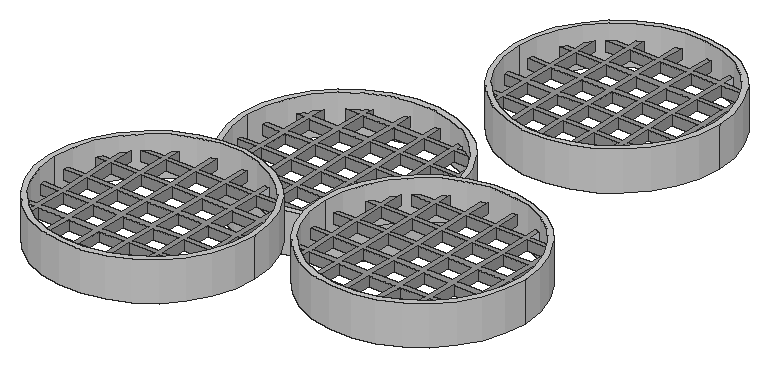
Revit family "CLD-FMD-002_BASKET_RFA", category Modelos genéricos, Revit 2022 (continued)
Forms (in)
  Extrusion 309, solid, not visible
    sketch origin (-26.63338, 0.00149, -1.20924) x (0, 1, 0) y (0, 0, -1)
      loop
        line (0.96881, 1.14538) -> (0.96881, -1.85462) -> (0.65631, -1.85462) -> (0.65631, -2.35462) -> (0.96881, -2.35462) -> (3.48948, -2.35462) -> (3.48948, -0.60462) -> (4.19814, -0.60462) -> (4.19814, -2.35462) -> (9.23948, -2.35462) -> (9.23948, -0.60462) -> (9.94814, -0.60462) -> (9.94814, -2.35462) -> (14.98948, -2.35462) -> (14.98948, -0.60462) -> (15.69814, -0.60462) -> (15.69814, -2.35462) -> (20.73948, -2.35462) -> (20.73948, -0.60462) -> (21.44814, -0.60462) -> (21.44814, -2.35462) -> (24.28131, -2.35462) -> (24.28131, -1.85462) -> (23.96881, -1.85462) -> (23.96881, 1.14538) -> (0.96881, 1.14538)
    from -3.96341 to -3.49097
  Extrusion 310, solid, not visible
    sketch origin (-44, 0, 0) x (1, 0, 0) y (0, 0, 1)
      loop
        line (0.96881, 0.64538) -> (0.96881, -2.35462) -> (3.48948, -2.35462) -> (3.48948, -0.60462) -> (4.19814, -0.60462) -> (4.19814, -2.35462) -> (9.23948, -2.35462) -> (9.23948, -0.60462) -> (9.94814, -0.60462) -> (9.94814, -2.35462) -> (14.98948, -2.35462) -> (14.98948, -0.60462) -> (15.69814, -0.60462) -> (15.69814, -2.35462) -> (20.73948, -2.35462) -> (20.73948, -0.60462) -> (21.44814, -0.60462) -> (21.44814, -2.35462) -> (23.96881, -2.35462) -> (23.96881, 0.64538) -> (24.28131, 0.64538) -> (24.28131, 1.14538) -> (0.65631, 1.14538) -> (0.65631, 0.64538) -> (0.96881, 0.64538)
    from -3.60908 to -3.49097
  Extrusion 311, solid, not visible
    sketch origin (-44, 0, 0) x (1, 0, 0) y (0, 0, 1)
      loop
        line (0.96881, 0.64538) -> (0.96881, -2.35462) -> (3.48948, -2.35462) -> (3.48948, -0.60462) -> (4.19814, -0.60462) -> (4.19814, -2.35462) -> (9.23948, -2.35462) -> (9.23948, -0.60462) -> (9.94814, -0.60462) -> (9.94814, -2.35462) -> (14.98948, -2.35462) -> (14.98948, -0.60462) -> (15.69814, -0.60462) -> (15.69814, -2.35462) -> (20.73948, -2.35462) -> (20.73948, -0.60462) -> (21.44814, -0.60462) -> (21.44814, -2.35462) -> (23.96881, -2.35462) -> (23.96881, 0.64538) -> (24.28131, 0.64538) -> (24.28131, 1.14538) -> (0.65631, 1.14538) -> (0.65631, 0.64538) -> (0.96881, 0.64538)
    from -4.08152 to -3.60908
  Extrusion 312, solid, not visible
    sketch origin (-44, 0, 0) x (1, 0, 0) y (0, 0, 1)
      loop
        line (0.96881, 0.64538) -> (0.96881, -2.35462) -> (3.48948, -2.35462) -> (3.48948, -0.60462) -> (4.19814, -0.60462) -> (4.19814, -2.35462) -> (9.23948, -2.35462) -> (9.23948, -0.60462) -> (9.94814, -0.60462) -> (9.94814, -2.35462) -> (14.98948, -2.35462) -> (14.98948, -0.60462) -> (15.69814, -0.60462) -> (15.69814, -2.35462) -> (20.73948, -2.35462) -> (20.73948, -0.60462) -> (21.44814, -0.60462) -> (21.44814, -2.35462) -> (23.96881, -2.35462) -> (23.96881, 0.64538) -> (24.28131, 0.64538) -> (24.28131, 1.14538) -> (0.65631, 1.14538) -> (0.65631, 0.64538) -> (0.96881, 0.64538)
    from -4.19963 to -4.08152
  Extrusion 313, solid, not visible
    sketch origin (-44.00149, 0.00149, -1.20924) x (0, 1, 0) y (0, 0, -1)
      loop
        line (0.96881, 1.14538) -> (0.96881, -1.85462) -> (0.65631, -1.85462) -> (0.65631, -2.35462) -> (0.96881, -2.35462) -> (3.48948, -2.35462) -> (3.48948, -0.60462) -> (4.19814, -0.60462) -> (4.19814, -2.35462) -> (9.23948, -2.35462) -> (9.23948, -0.60462) -> (9.94814, -0.60462) -> (9.94814, -2.35462) -> (14.98948, -2.35462) -> (14.98948, -0.60462) -> (15.69814, -0.60462) -> (15.69814, -2.35462) -> (20.73948, -2.35462) -> (20.73948, -0.60462) -> (21.44814, -0.60462) -> (21.44814, -2.35462) -> (24.28131, -2.35462) -> (24.28131, -1.85462) -> (23.96881, -1.85462) -> (23.96881, 1.14538) -> (0.96881, 1.14538)
    from -3.60908 to -3.49097
  Extrusion 314, solid, not visible
    sketch origin (-43.88338, 0.00149, -1.20924) x (0, 1, 0) y (0, 0, -1)
      loop
        line (0.96881, 1.14538) -> (0.96881, -1.85462) -> (0.65631, -1.85462) -> (0.65631, -2.35462) -> (0.96881, -2.35462) -> (3.48948, -2.35462) -> (3.48948, -0.60462) -> (4.19814, -0.60462) -> (4.19814, -2.35462) -> (9.23948, -2.35462) -> (9.23948, -0.60462) -> (9.94814, -0.60462) -> (9.94814, -2.35462) -> (14.98948, -2.35462) -> (14.98948, -0.60462) -> (15.69814, -0.60462) -> (15.69814, -2.35462) -> (20.73948, -2.35462) -> (20.73948, -0.60462) -> (21.44814, -0.60462) -> (21.44814, -2.35462) -> (24.28131, -2.35462) -> (24.28131, -1.85462) -> (23.96881, -1.85462) -> (23.96881, 1.14538) -> (0.96881, 1.14538)
    from -3.96341 to -3.49097
  Extrusion 315, solid, not visible
    sketch origin (-44.00149, 0.00149, -1.20924) x (0, 1, 0) y (0, 0, -1)
      loop
        line (0.96881, 1.14538) -> (0.96881, -1.85462) -> (0.65631, -1.85462) -> (0.65631, -2.35462) -> (0.96881, -2.35462) -> (3.48948, -2.35462) -> (3.48948, -0.60462) -> (4.19814, -0.60462) -> (4.19814, -2.35462) -> (9.23948, -2.35462) -> (9.23948, -0.60462) -> (9.94814, -0.60462) -> (9.94814, -2.35462) -> (14.98948, -2.35462) -> (14.98948, -0.60462) -> (15.69814, -0.60462) -> (15.69814, -2.35462) -> (20.73948, -2.35462) -> (20.73948, -0.60462) -> (21.44814, -0.60462) -> (21.44814, -2.35462) -> (24.28131, -2.35462) -> (24.28131, -1.85462) -> (23.96881, -1.85462) -> (23.96881, 1.14538) -> (0.96881, 1.14538)
    from -4.19963 to -4.08152
  Extrusion 316, solid, not visible
    sketch origin (-44, 0, 0) x (1, 0, 0) y (0, 0, 1)
      loop
        line (0.96881, 0.64538) -> (0.96881, -2.35462) -> (3.48948, -2.35462) -> (3.48948, -0.60462) -> (4.19814, -0.60462) -> (4.19814, -2.35462) -> (9.23948, -2.35462) -> (9.23948, -0.60462) -> (9.94814, -0.60462) -> (9.94814, -2.35462) -> (14.98948, -2.35462) -> (14.98948, -0.60462) -> (15.69814, -0.60462) -> (15.69814, -2.35462) -> (20.73948, -2.35462) -> (20.73948, -0.60462) -> (21.44814, -0.60462) -> (21.44814, -2.35462) -> (23.96881, -2.35462) -> (23.96881, 0.64538) -> (24.28131, 0.64538) -> (24.28131, 1.14538) -> (0.65631, 1.14538) -> (0.65631, 0.64538) -> (0.96881, 0.64538)
    from -9.94963 to -9.83152
  Extrusion 317, solid, not visible
    sketch origin (-44, 0, 0) x (1, 0, 0) y (0, 0, 1)
      loop
        line (0.96881, 0.64538) -> (0.96881, -2.35462) -> (3.48948, -2.35462) -> (3.48948, -0.60462) -> (4.19814, -0.60462) -> (4.19814, -2.35462) -> (9.23948, -2.35462) -> (9.23948, -0.60462) -> (9.94814, -0.60462) -> (9.94814, -2.35462) -> (14.98948, -2.35462) -> (14.98948, -0.60462) -> (15.69814, -0.60462) -> (15.69814, -2.35462) -> (20.73948, -2.35462) -> (20.73948, -0.60462) -> (21.44814, -0.60462) -> (21.44814, -2.35462) -> (23.96881, -2.35462) -> (23.96881, 0.64538) -> (24.28131, 0.64538) -> (24.28131, 1.14538) -> (0.65631, 1.14538) -> (0.65631, 0.64538) -> (0.96881, 0.64538)
    from -9.35908 to -9.24097
  Extrusion 318, solid, not visible
    sketch origin (-44, 0, 0) x (1, 0, 0) y (0, 0, 1)
      loop
        line (0.96881, 0.64538) -> (0.96881, -2.35462) -> (3.48948, -2.35462) -> (3.48948, -0.60462) -> (4.19814, -0.60462) -> (4.19814, -2.35462) -> (9.23948, -2.35462) -> (9.23948, -0.60462) -> (9.94814, -0.60462) -> (9.94814, -2.35462) -> (14.98948, -2.35462) -> (14.98948, -0.60462) -> (15.69814, -0.60462) -> (15.69814, -2.35462) -> (20.73948, -2.35462) -> (20.73948, -0.60462) -> (21.44814, -0.60462) -> (21.44814, -2.35462) -> (23.96881, -2.35462) -> (23.96881, 0.64538) -> (24.28131, 0.64538) -> (24.28131, 1.14538) -> (0.65631, 1.14538) -> (0.65631, 0.64538) -> (0.96881, 0.64538)
    from -9.83152 to -9.35908
  Extrusion 319, solid, not visible
    sketch origin (-44, 0, 0) x (1, 0, 0) y (0, 0, 1)
      loop
        line (0.96881, 0.64538) -> (0.96881, -2.35462) -> (3.48948, -2.35462) -> (3.48948, -0.60462) -> (4.19814, -0.60462) -> (4.19814, -2.35462) -> (9.23948, -2.35462) -> (9.23948, -0.60462) -> (9.94814, -0.60462) -> (9.94814, -2.35462) -> (14.98948, -2.35462) -> (14.98948, -0.60462) -> (15.69814, -0.60462) -> (15.69814, -2.35462) -> (20.73948, -2.35462) -> (20.73948, -0.60462) -> (21.44814, -0.60462) -> (21.44814, -2.35462) -> (23.96881, -2.35462) -> (23.96881, 0.64538) -> (24.28131, 0.64538) -> (24.28131, 1.14538) -> (0.65631, 1.14538) -> (0.65631, 0.64538) -> (0.96881, 0.64538)
    from -15.69963 to -15.58152
  Extrusion 320, solid, not visible
    sketch origin (-44, 0, 0) x (1, 0, 0) y (0, 0, 1)
      loop
        line (0.96881, 0.64538) -> (0.96881, -2.35462) -> (3.48948, -2.35462) -> (3.48948, -0.60462) -> (4.19814, -0.60462) -> (4.19814, -2.35462) -> (9.23948, -2.35462) -> (9.23948, -0.60462) -> (9.94814, -0.60462) -> (9.94814, -2.35462) -> (14.98948, -2.35462) -> (14.98948, -0.60462) -> (15.69814, -0.60462) -> (15.69814, -2.35462) -> (20.73948, -2.35462) -> (20.73948, -0.60462) -> (21.44814, -0.60462) -> (21.44814, -2.35462) -> (23.96881, -2.35462) -> (23.96881, 0.64538) -> (24.28131, 0.64538) -> (24.28131, 1.14538) -> (0.65631, 1.14538) -> (0.65631, 0.64538) -> (0.96881, 0.64538)
    from -15.10908 to -14.99097
  Extrusion 321, solid, not visible
    sketch origin (-44, 0, 0) x (1, 0, 0) y (0, 0, 1)
      loop
        line (0.96881, 0.64538) -> (0.96881, -2.35462) -> (3.48948, -2.35462) -> (3.48948, -0.60462) -> (4.19814, -0.60462) -> (4.19814, -2.35462) -> (9.23948, -2.35462) -> (9.23948, -0.60462) -> (9.94814, -0.60462) -> (9.94814, -2.35462) -> (14.98948, -2.35462) -> (14.98948, -0.60462) -> (15.69814, -0.60462) -> (15.69814, -2.35462) -> (20.73948, -2.35462) -> (20.73948, -0.60462) -> (21.44814, -0.60462) -> (21.44814, -2.35462) -> (23.96881, -2.35462) -> (23.96881, 0.64538) -> (24.28131, 0.64538) -> (24.28131, 1.14538) -> (0.65631, 1.14538) -> (0.65631, 0.64538) -> (0.96881, 0.64538)
    from -15.58152 to -15.10908
  Extrusion 322, solid, not visible
    sketch origin (-44, 0, 0) x (1, 0, 0) y (0, 0, 1)
      loop
        line (0.96881, 0.64538) -> (0.96881, -2.35462) -> (3.48948, -2.35462) -> (3.48948, -0.60462) -> (4.19814, -0.60462) -> (4.19814, -2.35462) -> (9.23948, -2.35462) -> (9.23948, -0.60462) -> (9.94814, -0.60462) -> (9.94814, -2.35462) -> (14.98948, -2.35462) -> (14.98948, -0.60462) -> (15.69814, -0.60462) -> (15.69814, -2.35462) -> (20.73948, -2.35462) -> (20.73948, -0.60462) -> (21.44814, -0.60462) -> (21.44814, -2.35462) -> (23.96881, -2.35462) -> (23.96881, 0.64538) -> (24.28131, 0.64538) -> (24.28131, 1.14538) -> (0.65631, 1.14538) -> (0.65631, 0.64538) -> (0.96881, 0.64538)
    from -21.44963 to -21.33152
  Extrusion 323, solid, not visible
    sketch origin (-44, 0, 0) x (1, 0, 0) y (0, 0, 1)
      loop
        line (0.96881, 0.64538) -> (0.96881, -2.35462) -> (3.48948, -2.35462) -> (3.48948, -0.60462) -> (4.19814, -0.60462) -> (4.19814, -2.35462) -> (9.23948, -2.35462) -> (9.23948, -0.60462) -> (9.94814, -0.60462) -> (9.94814, -2.35462) -> (14.98948, -2.35462) -> (14.98948, -0.60462) -> (15.69814, -0.60462) -> (15.69814, -2.35462) -> (20.73948, -2.35462) -> (20.73948, -0.60462) -> (21.44814, -0.60462) -> (21.44814, -2.35462) -> (23.96881, -2.35462) -> (23.96881, 0.64538) -> (24.28131, 0.64538) -> (24.28131, 1.14538) -> (0.65631, 1.14538) -> (0.65631, 0.64538) -> (0.96881, 0.64538)
    from -20.85908 to -20.74097
  Extrusion 324, solid, not visible
    sketch origin (-44, 0, 0) x (1, 0, 0) y (0, 0, 1)
      loop
        line (0.96881, 0.64538) -> (0.96881, -2.35462) -> (3.48948, -2.35462) -> (3.48948, -0.60462) -> (4.19814, -0.60462) -> (4.19814, -2.35462) -> (9.23948, -2.35462) -> (9.23948, -0.60462) -> (9.94814, -0.60462) -> (9.94814, -2.35462) -> (14.98948, -2.35462) -> (14.98948, -0.60462) -> (15.69814, -0.60462) -> (15.69814, -2.35462) -> (20.73948, -2.35462) -> (20.73948, -0.60462) -> (21.44814, -0.60462) -> (21.44814, -2.35462) -> (23.96881, -2.35462) -> (23.96881, 0.64538) -> (24.28131, 0.64538) -> (24.28131, 1.14538) -> (0.65631, 1.14538) -> (0.65631, 0.64538) -> (0.96881, 0.64538)
    from -21.33152 to -20.85908
  Extrusion 325, solid, not visible
    sketch origin (-38.25149, 0.00149, -1.20924) x (0, 1, 0) y (0, 0, -1)
      loop
        line (0.96881, 1.14538) -> (0.96881, -1.85462) -> (0.65631, -1.85462) -> (0.65631, -2.35462) -> (0.96881, -2.35462) -> (3.48948, -2.35462) -> (3.48948, -0.60462) -> (4.19814, -0.60462) -> (4.19814, -2.35462) -> (9.23948, -2.35462) -> (9.23948, -0.60462) -> (9.94814, -0.60462) -> (9.94814, -2.35462) -> (14.98948, -2.35462) -> (14.98948, -0.60462) -> (15.69814, -0.60462) -> (15.69814, -2.35462) -> (20.73948, -2.35462) -> (20.73948, -0.60462) -> (21.44814, -0.60462) -> (21.44814, -2.35462) -> (24.28131, -2.35462) -> (24.28131, -1.85462) -> (23.96881, -1.85462) -> (23.96881, 1.14538) -> (0.96881, 1.14538)
    from -4.19963 to -4.08152
  Extrusion 326, solid, not visible
    sketch origin (-38.84204, 0.00149, -1.20924) x (0, 1, 0) y (0, 0, -1)
      loop
        line (0.96881, 1.14538) -> (0.96881, -1.85462) -> (0.65631, -1.85462) -> (0.65631, -2.35462) -> (0.96881, -2.35462) -> (3.48948, -2.35462) -> (3.48948, -0.60462) -> (4.19814, -0.60462) -> (4.19814, -2.35462) -> (9.23948, -2.35462) -> (9.23948, -0.60462) -> (9.94814, -0.60462) -> (9.94814, -2.35462) -> (14.98948, -2.35462) -> (14.98948, -0.60462) -> (15.69814, -0.60462) -> (15.69814, -2.35462) -> (20.73948, -2.35462) -> (20.73948, -0.60462) -> (21.44814, -0.60462) -> (21.44814, -2.35462) -> (24.28131, -2.35462) -> (24.28131, -1.85462) -> (23.96881, -1.85462) -> (23.96881, 1.14538) -> (0.96881, 1.14538)
    from -4.19963 to -4.08152
  Extrusion 327, solid, not visible
    sketch origin (-32.50149, 0.00149, -1.20924) x (0, 1, 0) y (0, 0, -1)
      loop
        line (0.96881, 1.14538) -> (0.96881, -1.85462) -> (0.65631, -1.85462) -> (0.65631, -2.35462) -> (0.96881, -2.35462) -> (3.48948, -2.35462) -> (3.48948, -0.60462) -> (4.19814, -0.60462) -> (4.19814, -2.35462) -> (9.23948, -2.35462) -> (9.23948, -0.60462) -> (9.94814, -0.60462) -> (9.94814, -2.35462) -> (14.98948, -2.35462) -> (14.98948, -0.60462) -> (15.69814, -0.60462) -> (15.69814, -2.35462) -> (20.73948, -2.35462) -> (20.73948, -0.60462) -> (21.44814, -0.60462) -> (21.44814, -2.35462) -> (24.28131, -2.35462) -> (24.28131, -1.85462) -> (23.96881, -1.85462) -> (23.96881, 1.14538) -> (0.96881, 1.14538)
    from -4.19963 to -4.08152
  Extrusion 328, solid, not visible
    sketch origin (-33.09204, 0.00149, -1.20924) x (0, 1, 0) y (0, 0, -1)
      loop
        line (0.96881, 1.14538) -> (0.96881, -1.85462) -> (0.65631, -1.85462) -> (0.65631, -2.35462) -> (0.96881, -2.35462) -> (3.48948, -2.35462) -> (3.48948, -0.60462) -> (4.19814, -0.60462) -> (4.19814, -2.35462) -> (9.23948, -2.35462) -> (9.23948, -0.60462) -> (9.94814, -0.60462) -> (9.94814, -2.35462) -> (14.98948, -2.35462) -> (14.98948, -0.60462) -> (15.69814, -0.60462) -> (15.69814, -2.35462) -> (20.73948, -2.35462) -> (20.73948, -0.60462) -> (21.44814, -0.60462) -> (21.44814, -2.35462) -> (24.28131, -2.35462) -> (24.28131, -1.85462) -> (23.96881, -1.85462) -> (23.96881, 1.14538) -> (0.96881, 1.14538)
    from -4.19963 to -4.08152
  Extrusion 329, solid, not visible
    sketch origin (-27.34204, 0.00149, -1.20924) x (0, 1, 0) y (0, 0, -1)
      loop
        line (0.96881, 1.14538) -> (0.96881, -1.85462) -> (0.65631, -1.85462) -> (0.65631, -2.35462) -> (0.96881, -2.35462) -> (3.48948, -2.35462) -> (3.48948, -0.60462) -> (4.19814, -0.60462) -> (4.19814, -2.35462) -> (9.23948, -2.35462) -> (9.23948, -0.60462) -> (9.94814, -0.60462) -> (9.94814, -2.35462) -> (14.98948, -2.35462) -> (14.98948, -0.60462) -> (15.69814, -0.60462) -> (15.69814, -2.35462) -> (20.73948, -2.35462) -> (20.73948, -0.60462) -> (21.44814, -0.60462) -> (21.44814, -2.35462) -> (24.28131, -2.35462) -> (24.28131, -1.85462) -> (23.96881, -1.85462) -> (23.96881, 1.14538) -> (0.96881, 1.14538)
    from -4.19963 to -4.08152
  Extrusion 330, solid, not visible
    sketch origin (-26.75149, 0.00149, -1.20924) x (0, 1, 0) y (0, 0, -1)
      loop
        line (0.96881, 1.14538) -> (0.96881, -1.85462) -> (0.65631, -1.85462) -> (0.65631, -2.35462) -> (0.96881, -2.35462) -> (3.48948, -2.35462) -> (3.48948, -0.60462) -> (4.19814, -0.60462) -> (4.19814, -2.35462) -> (9.23948, -2.35462) -> (9.23948, -0.60462) -> (9.94814, -0.60462) -> (9.94814, -2.35462) -> (14.98948, -2.35462) -> (14.98948, -0.60462) -> (15.69814, -0.60462) -> (15.69814, -2.35462) -> (20.73948, -2.35462) -> (20.73948, -0.60462) -> (21.44814, -0.60462) -> (21.44814, -2.35462) -> (24.28131, -2.35462) -> (24.28131, -1.85462) -> (23.96881, -1.85462) -> (23.96881, 1.14538) -> (0.96881, 1.14538)
    from -4.19963 to -4.08152
  Extrusion 331, solid, not visible
    sketch origin (-38.13338, 0.00149, -1.20924) x (0, 1, 0) y (0, 0, -1)
      loop
        line (0.96881, 1.14538) -> (0.96881, -1.85462) -> (0.65631, -1.85462) -> (0.65631, -2.35462) -> (0.96881, -2.35462) -> (3.48948, -2.35462) -> (3.48948, -0.60462) -> (4.19814, -0.60462) -> (4.19814, -2.35462) -> (9.23948, -2.35462) -> (9.23948, -0.60462) -> (9.94814, -0.60462) -> (9.94814, -2.35462) -> (14.98948, -2.35462) -> (14.98948, -0.60462) -> (15.69814, -0.60462) -> (15.69814, -2.35462) -> (20.73948, -2.35462) -> (20.73948, -0.60462) -> (21.44814, -0.60462) -> (21.44814, -2.35462) -> (24.28131, -2.35462) -> (24.28131, -1.85462) -> (23.96881, -1.85462) -> (23.96881, 1.14538) -> (0.96881, 1.14538)
    from -3.96341 to -3.49097
  Extrusion 332, solid, not visible
    sketch origin (-32.38338, 0.00149, -1.20924) x (0, 1, 0) y (0, 0, -1)
      loop
        line (0.96881, 1.14538) -> (0.96881, -1.85462) -> (0.65631, -1.85462) -> (0.65631, -2.35462) -> (0.96881, -2.35462) -> (3.48948, -2.35462) -> (3.48948, -0.60462) -> (4.19814, -0.60462) -> (4.19814, -2.35462) -> (9.23948, -2.35462) -> (9.23948, -0.60462) -> (9.94814, -0.60462) -> (9.94814, -2.35462) -> (14.98948, -2.35462) -> (14.98948, -0.60462) -> (15.69814, -0.60462) -> (15.69814, -2.35462) -> (20.73948, -2.35462) -> (20.73948, -0.60462) -> (21.44814, -0.60462) -> (21.44814, -2.35462) -> (24.28131, -2.35462) -> (24.28131, -1.85462) -> (23.96881, -1.85462) -> (23.96881, 1.14538) -> (0.96881, 1.14538)
    from -3.96341 to -3.49097
  Extrusion 333, solid, not visible
    sketch origin (-26.63338, 0.00149, -1.20924) x (0, 1, 0) y (0, 0, -1)
      loop
        line (0.96881, 1.14538) -> (0.96881, -1.85462) -> (0.65631, -1.85462) -> (0.65631, -2.35462) -> (0.96881, -2.35462) -> (3.48948, -2.35462) -> (3.48948, -0.60462) -> (4.19814, -0.60462) -> (4.19814, -2.35462) -> (9.23948, -2.35462) -> (9.23948, -0.60462) -> (9.94814, -0.60462) -> (9.94814, -2.35462) -> (14.98948, -2.35462) -> (14.98948, -0.60462) -> (15.69814, -0.60462) -> (15.69814, -2.35462) -> (20.73948, -2.35462) -> (20.73948, -0.60462) -> (21.44814, -0.60462) -> (21.44814, -2.35462) -> (24.28131, -2.35462) -> (24.28131, -1.85462) -> (23.96881, -1.85462) -> (23.96881, 1.14538) -> (0.96881, 1.14538)
    from -3.96341 to -3.49097
  Extrusion 334, solid, not visible
    sketch origin (0, 0, 0) x (1, 0, 0) y (0, 1, 0)
      loop
        line (0, 0.11811) -> (0, 0) -> (48, 0) -> (48, 0.11811) -> (0, 0.11811)
    from 0 to 108
  Extrusion 335, solid, not visible
    sketch origin (0, 0, 0) x (1, 0, 0) y (0, 1, 0)
      loop
        line (0, 0.59055) -> (0, 0.11811) -> (48, 0.11811) -> (48, 0.59055) -> (0, 0.59055)
    from 0 to 108
  Extrusion 336, solid, not visible
    sketch origin (20.06218, -10.5, 0) x (0.5, 0.866025, 0) y (-0.866025, 0.5, 0)
      loop
        line (26.12436, 24.24871) -> (1.87564, 24.24871) -> (0, 21) -> (12.12436, 0) -> (36.37307, 0) -> (38.24871, 3.24871) -> (26.12436, 24.24871)
      loop
        line (35.82754, 0.94488) -> (37.15766, 3.24871) -> (25.57883, 23.30383) -> (2.42117, 23.30383) -> (1.09106, 21) -> (12.66988, 0.94488) -> (35.82754, 0.94488)
    from 0 to 10
  Extrusion 337, solid, not visible
    sketch origin (18.18653, 13.74871, 0) x (-0.5, 0.866025, 0) y (-0.866025, -0.5, 0)
      loop
        line (26.12436, 24.24871) -> (1.87564, 24.24871) -> (0, 21) -> (12.12436, 0) -> (36.37307, 0) -> (38.24871, 3.24871) -> (26.12436, 24.24871)
      loop
        line (35.82754, 0.94488) -> (37.15766, 3.24871) -> (25.57883, 23.30383) -> (2.42117, 23.30383) -> (1.09106, 21) -> (12.66988, 0.94488) -> (35.82754, 0.94488)
    from 0 to 10
  Extrusion 338, solid, not visible
    sketch origin (-23.81347, -10.5, 0) x (-0.5, 0.866025, 0) y (-0.866025, -0.5, 0)
      loop
        line (26.12436, -24.24871) -> (38.24871, -3.24871) -> (36.37307, 0) -> (12.12436, 0) -> (0, -21) -> (1.87564, -24.24871) -> (26.12436, -24.24871)
      loop
        line (35.82754, -0.94488) -> (12.66988, -0.94488) -> (1.09106, -21) -> (2.42117, -23.30383) -> (25.57883, -23.30383) -> (37.15766, -3.24871) -> (35.82754, -0.94488)
    from 0 to 10
  Extrusion 339, solid, not visible
    sketch origin (20.06218, 10.5, 0) x (0.5, -0.866025, 0) y (0.866025, 0.5, 0)
      loop
        line (26.12436, -24.24871) -> (38.24871, -3.24871) -> (36.37307, 0) -> (12.12436, 0) -> (0, -21) -> (1.87564, -24.24871) -> (26.12436, -24.24871)
      loop
        line (35.82754, -0.94488) -> (12.66988, -0.94488) -> (1.09106, -21) -> (2.42117, -23.30383) -> (25.57883, -23.30383) -> (37.15766, -3.24871) -> (35.82754, -0.94488)
    from 0 to 10
  Extrusion 340, solid, not visible
    sketch origin (18.18653, -13.74871, 0) x (-0.5, -0.866025, 0) y (0.866025, -0.5, 0)
      loop
        line (26.12436, -24.24871) -> (38.24871, -3.24871) -> (36.37307, 0) -> (12.12436, 0) -> (0, -21) -> (1.87564, -24.24871) -> (26.12436, -24.24871)
      loop
        line (35.82754, -0.94488) -> (12.66988, -0.94488) -> (1.09106, -21) -> (2.42117, -23.30383) -> (25.57883, -23.30383) -> (37.15766, -3.24871) -> (35.82754, -0.94488)
    from 0 to 10
  Extrusion 341, solid, not visible
    sketch origin (-23.81347, 10.5, 0) x (-0.5, -0.866025, 0) y (0.866025, -0.5, 0)
      loop
        line (26.12436, 24.24871) -> (1.87564, 24.24871) -> (0, 21) -> (12.12436, 0) -> (36.37307, 0) -> (38.24871, 3.24871) -> (26.12436, 24.24871)
      loop
        line (35.82754, 0.94488) -> (37.15766, 3.24871) -> (25.57883, 23.30383) -> (2.42117, 23.30383) -> (1.09106, 21) -> (12.66988, 0.94488) -> (35.82754, 0.94488)
    from 0 to 10
  Extrusion 342, solid, not visible
    sketch origin (-21.93782, 13.74871, 0) x (0.5, 0.866025, 0) y (-0.866025, 0.5, 0)
      loop
        line (26.12436, 24.24871) -> (1.87564, 24.24871) -> (0, 21) -> (12.12436, 0) -> (36.37307, 0) -> (38.24871, 3.24871) -> (26.12436, 24.24871)
      loop
        line (35.82754, 0.94488) -> (37.15766, 3.24871) -> (25.57883, 23.30383) -> (2.42117, 23.30383) -> (1.09106, 21) -> (12.66988, 0.94488) -> (35.82754, 0.94488)
    from 0 to 10
  Extrusion 343, solid, not visible
    sketch origin (-21.94005, -13.75, 0) x (0.5, -0.866025, 0) y (0.866025, 0.5, 0)
      loop
        line (26.12436, -24.24871) -> (38.24871, -3.24871) -> (36.37307, 0) -> (12.12436, 0) -> (0, -21) -> (1.87564, -24.24871) -> (26.12436, -24.24871)
      loop
        line (35.82754, -0.94488) -> (12.66988, -0.94488) -> (1.09106, -21) -> (2.42117, -23.30383) -> (25.57883, -23.30383) -> (37.15766, -3.24871) -> (35.82754, -0.94488)
    from 0 to 10
  Extrusion 344, solid, not visible
    sketch origin (60.18877, 10.50129, 0) x (-0.5, -0.866025, 0) y (0.866025, -0.5, 0)
      loop
        line (26.12436, -24.24871) -> (38.24871, -3.24871) -> (36.37307, 0) -> (12.12436, 0) -> (0, -21) -> (1.87564, -24.24871) -> (26.12436, -24.24871)
      loop
        line (35.82754, -0.94488) -> (12.66988, -0.94488) -> (1.09106, -21) -> (2.42117, -23.30383) -> (25.57883, -23.30383) -> (37.15766, -3.24871) -> (35.82754, -0.94488)
    from 0 to 10
  Extrusion 345, solid
    sketch origin (0, 0, 0) x (1, 0, 0) y (0, 1, 0)
      loop
        circle (21, 21) r 21
      loop
        circle (21, 21) r 20
    from 0 to 8
  Extrusion 346, solid
    sketch origin (0, 0, 0) x (1, 0, 0) y (0, 1, 0)
      loop
        line (12.24636, 35.32204) -> (12.24636, 30.15295) -> (17.41545, 30.15295) -> (17.41545, 35.32204) -> (12.24636, 35.32204)
      loop
        line (18.41545, 35.32204) -> (18.41545, 30.15295) -> (23.58454, 30.15295) -> (23.58454, 35.32204) -> (18.41545, 35.32204)
      loop
        line (24.58454, 35.32204) -> (24.58454, 30.15295) -> (29.75363, 30.15295) -> (29.75363, 35.32204) -> (24.58454, 35.32204)
      loop
        line (12.24636, 29.15295) -> (12.24636, 23.98386) -> (17.41545, 23.98386) -> (17.41545, 29.15295) -> (12.24636, 29.15295)
      loop
        line (18.41545, 29.15295) -> (18.41545, 23.98386) -> (23.58454, 23.98386) -> (23.58454, 29.15295) -> (18.41545, 29.15295)
      loop
        line (24.58454, 29.15295) -> (24.58454, 23.98386) -> (29.75363, 23.98386) -> (29.75363, 29.15295) -> (24.58454, 29.15295)
      loop
        line (12.24636, 22.98386) -> (12.24636, 17.81477) -> (17.41545, 17.81477) -> (17.41545, 22.98386) -> (12.24636, 22.98386)
      loop
        line (18.41545, 22.98386) -> (18.41545, 17.81477) -> (23.58454, 17.81477) -> (23.58454, 22.98386) -> (18.41545, 22.98386)
      loop
        line (24.58454, 22.98386) -> (24.58454, 17.81477) -> (29.75363, 17.81477) -> (29.75363, 22.98386) -> (24.58454, 22.98386)
      loop
        line (12.24636, 16.81477) -> (12.24636, 11.64568) -> (17.41545, 11.64568) -> (17.41545, 16.81477) -> (12.24636, 16.81477)
      loop
        line (18.41545, 16.81477) -> (18.41545, 11.64568) -> (23.58454, 11.64568) -> (23.58454, 16.81477) -> (18.41545, 16.81477)
      loop
        line (24.58454, 16.81477) -> (24.58454, 11.64568) -> (29.75363, 11.64568) -> (29.75363, 16.81477) -> (24.58454, 16.81477)
      loop
        line (12.24636, 10.64568) -> (12.24636, 5.47659) -> (17.41545, 5.47659) -> (17.41545, 10.64568) -> (12.24636, 10.64568)
      loop
        line (18.41545, 10.64568) -> (18.41545, 5.47659) -> (23.58454, 5.47659) -> (23.58454, 10.64568) -> (18.41545, 10.64568)
      loop
        line (24.58454, 10.64568) -> (24.58454, 5.47659) -> (29.75363, 5.47659) -> (29.75363, 10.64568) -> (24.58454, 10.64568)
      loop
        line (30.75363, 35.32204) -> (35.59303, 35.32204)
        arc (35.59303, 35.32204) -> (35.07504, 35.8314) -> (34.53929, 36.32204) r 20.44694
        line (34.53929, 36.32204) -> (30.75363, 36.32204) -> (30.75363, 38.97064)
        arc (30.75363, 38.97064) -> (30.25712, 39.23138) -> (29.75363, 39.4784) r 20.44694
        line (29.75363, 39.4784) -> (29.75363, 36.32204) -> (24.58454, 36.32204) -> (24.58454, 41.13028)
        arc (24.58454, 41.13028) -> (24.08549, 41.21279) -> (23.58454, 41.28293) r 20.44694
        line (23.58454, 41.28293) -> (23.58454, 36.32204) -> (18.41545, 36.32204) -> (18.41545, 41.28293)
        arc (18.41545, 41.28293) -> (17.91451, 41.21279) -> (17.41545, 41.13028) r 20.44694
        line (17.41545, 41.13028) -> (17.41545, 36.32204) -> (12.24636, 36.32204) -> (12.24636, 39.4784)
        arc (12.24636, 39.4784) -> (11.74288, 39.23138) -> (11.24636, 38.97064) r 20.44694
        line (11.24636, 38.97064) -> (11.24636, 36.32204) -> (7.4607, 36.32204)
        arc (7.4607, 36.32204) -> (6.92495, 35.8314) -> (6.40697, 35.32204) r 20.44694
        line (6.40697, 35.32204) -> (11.24636, 35.32204) -> (11.24636, 30.15295) -> (6.07727, 30.15295) -> (6.07727, 34.97818)
        arc (6.07727, 34.97818) -> (5.56654, 34.41215) -> (5.07727, 33.82747) r 20.44694
        line (5.07727, 33.82747) -> (5.07727, 30.15295) -> (2.7161, 30.15295)
        arc (2.7161, 30.15295) -> (2.47571, 29.6561) -> (2.24882, 29.15295) r 20.44694
        line (2.24882, 29.15295) -> (5.07727, 29.15295) -> (5.07727, 23.98386) -> (0.77195, 23.98386)
        arc (0.77195, 23.98386) -> (0.70458, 23.48461) -> (0.64953, 22.98386) r 20.44694
        line (0.64953, 22.98386) -> (5.07727, 22.98386) -> (5.07727, 17.81477) -> (0.80268, 17.81477)
        arc (0.80268, 17.81477) -> (0.88811, 17.31363) -> (0.98598, 16.81477) r 20.44694
        line (0.98598, 16.81477) -> (5.07727, 16.81477) -> (5.07727, 11.64568) -> (2.81831, 11.64568)
        arc (2.81831, 11.64568) -> (3.08649, 11.14184) -> (3.36863, 10.64568) r 20.44694
        line (3.36863, 10.64568) -> (5.07727, 10.64568) -> (5.07727, 8.17253)
        arc (5.07727, 8.17253) -> (5.56654, 7.58785) -> (6.07727, 7.02182) r 20.44694
        line (6.07727, 7.02182) -> (6.07727, 10.64568) -> (11.24636, 10.64568) -> (11.24636, 5.47659) -> (7.69207, 5.47659)
        arc (7.69207, 5.47659) -> (8.31426, 4.96413) -> (8.95616, 4.47659) r 20.44694
        line (8.95616, 4.47659) -> (11.24636, 4.47659) -> (11.24636, 3.02936)
        arc (11.24636, 3.02936) -> (11.74288, 2.76863) -> (12.24636, 2.5216) r 20.44694
        line (12.24636, 2.5216) -> (12.24636, 4.47659) -> (17.41545, 4.47659) -> (17.41545, 0.86972)
        arc (17.41545, 0.86972) -> (17.91451, 0.78721) -> (18.41545, 0.71707) r 20.44694
        line (18.41545, 0.71707) -> (18.41545, 4.47659) -> (23.58454, 4.47659) -> (23.58454, 0.71707)
        arc (23.58454, 0.71707) -> (24.08549, 0.78721) -> (24.58454, 0.86972) r 20.44694
        line (24.58454, 0.86972) -> (24.58454, 4.47659) -> (29.75363, 4.47659) -> (29.75363, 2.5216)
        arc (29.75363, 2.5216) -> (30.25712, 2.76863) -> (30.75363, 3.02936) r 20.44694
        line (30.75363, 3.02936) -> (30.75363, 4.47659) -> (33.04384, 4.47659)
        arc (33.04384, 4.47659) -> (33.68574, 4.96413) -> (34.30792, 5.47659) r 20.44694
        line (34.30792, 5.47659) -> (30.75363, 5.47659) -> (30.75363, 10.64568) -> (35.92272, 10.64568) -> (35.92272, 7.02182)
        arc (35.92272, 7.02182) -> (36.43345, 7.58785) -> (36.92272, 8.17253) r 20.44694
        line (36.92272, 8.17253) -> (36.92272, 10.64568) -> (38.63137, 10.64568)
        arc (38.63137, 10.64568) -> (38.91351, 11.14184) -> (39.18169, 11.64568) r 20.44694
        line (39.18169, 11.64568) -> (36.92272, 11.64568) -> (36.92272, 16.81477) -> (41.01402, 16.81477)
        arc (41.01402, 16.81477) -> (41.11188, 17.31363) -> (41.19731, 17.81477) r 20.44694
        line (41.19731, 17.81477) -> (36.92272, 17.81477) -> (36.92272, 22.98386) -> (41.35047, 22.98386)
        arc (41.35047, 22.98386) -> (41.29542, 23.48461) -> (41.22804, 23.98386) r 20.44694
        line (41.22804, 23.98386) -> (36.92272, 23.98386) -> (36.92272, 29.15295) -> (39.75118, 29.15295)
        arc (39.75118, 29.15295) -> (39.52428, 29.6561) -> (39.28389, 30.15295) r 20.44694
        line (39.28389, 30.15295) -> (36.92272, 30.15295) -> (36.92272, 33.82747)
        arc (36.92272, 33.82747) -> (36.43345, 34.41215) -> (35.92272, 34.97818) r 20.44694
        line (35.92272, 34.97818) -> (35.92272, 30.15295) -> (30.75363, 30.15295) -> (30.75363, 35.32204)
      loop
        line (30.75363, 29.15295) -> (30.75363, 23.98386) -> (35.92272, 23.98386) -> (35.92272, 29.15295) -> (30.75363, 29.15295)
      loop
        line (30.75363, 22.98386) -> (30.75363, 17.81477) -> (35.92272, 17.81477) -> (35.92272, 22.98386) -> (30.75363, 22.98386)
      loop
        line (30.75363, 16.81477) -> (30.75363, 11.64568) -> (35.92272, 11.64568) -> (35.92272, 16.81477) -> (30.75363, 16.81477)
      loop
        line (6.07727, 29.15295) -> (6.07727, 23.98386) -> (11.24636, 23.98386) -> (11.24636, 29.15295) -> (6.07727, 29.15295)
      loop
        line (6.07727, 22.98386) -> (6.07727, 17.81477) -> (11.24636, 17.81477) -> (11.24636, 22.98386) -> (6.07727, 22.98386)
      loop
        line (6.07727, 16.81477) -> (6.07727, 11.64568) -> (11.24636, 11.64568) -> (11.24636, 16.81477) -> (6.07727, 16.81477)
    from 3 to 5
  Extrusion 347, solid, not visible
    sketch origin (0, 0, 0) x (1, 0, 0) y (0, 1, 0)
      loop
        circle (21, 21) r 21
      loop
        circle (21, 21) r 20
    from 0 to 8
  Extrusion 348, solid, not visible
    sketch origin (0, 0, 0) x (1, 0, 0) y (0, 1, 0)
      loop
        line (12.24636, 35.32204) -> (12.24636, 30.15295) -> (17.41545, 30.15295) -> (17.41545, 35.32204) -> (12.24636, 35.32204)
      loop
        line (18.41545, 35.32204) -> (18.41545, 30.15295) -> (23.58454, 30.15295) -> (23.58454, 35.32204) -> (18.41545, 35.32204)
      loop
        line (24.58454, 35.32204) -> (24.58454, 30.15295) -> (29.75363, 30.15295) -> (29.75363, 35.32204) -> (24.58454, 35.32204)
      loop
        line (12.24636, 29.15295) -> (12.24636, 23.98386) -> (17.41545, 23.98386) -> (17.41545, 29.15295) -> (12.24636, 29.15295)
      loop
        line (18.41545, 29.15295) -> (18.41545, 23.98386) -> (23.58454, 23.98386) -> (23.58454, 29.15295) -> (18.41545, 29.15295)
      loop
        line (24.58454, 29.15295) -> (24.58454, 23.98386) -> (29.75363, 23.98386) -> (29.75363, 29.15295) -> (24.58454, 29.15295)
      loop
        line (12.24636, 22.98386) -> (12.24636, 17.81477) -> (17.41545, 17.81477) -> (17.41545, 22.98386) -> (12.24636, 22.98386)
      loop
        line (18.41545, 22.98386) -> (18.41545, 17.81477) -> (23.58454, 17.81477) -> (23.58454, 22.98386) -> (18.41545, 22.98386)
      loop
        line (24.58454, 22.98386) -> (24.58454, 17.81477) -> (29.75363, 17.81477) -> (29.75363, 22.98386) -> (24.58454, 22.98386)
      loop
        line (12.24636, 16.81477) -> (12.24636, 11.64568) -> (17.41545, 11.64568) -> (17.41545, 16.81477) -> (12.24636, 16.81477)
      loop
        line (18.41545, 16.81477) -> (18.41545, 11.64568) -> (23.58454, 11.64568) -> (23.58454, 16.81477) -> (18.41545, 16.81477)
      loop
        line (24.58454, 16.81477) -> (24.58454, 11.64568) -> (29.75363, 11.64568) -> (29.75363, 16.81477) -> (24.58454, 16.81477)
      loop
        line (12.24636, 10.64568) -> (12.24636, 5.47659) -> (17.41545, 5.47659) -> (17.41545, 10.64568) -> (12.24636, 10.64568)
      loop
        line (18.41545, 10.64568) -> (18.41545, 5.47659) -> (23.58454, 5.47659) -> (23.58454, 10.64568) -> (18.41545, 10.64568)
      loop
        line (24.58454, 10.64568) -> (24.58454, 5.47659) -> (29.75363, 5.47659) -> (29.75363, 10.64568) -> (24.58454, 10.64568)
      loop
        line (30.75363, 35.32204) -> (35.59303, 35.32204)
        arc (35.59303, 35.32204) -> (35.07504, 35.8314) -> (34.53929, 36.32204) r 20.44694
        line (34.53929, 36.32204) -> (30.75363, 36.32204) -> (30.75363, 38.97064)
        arc (30.75363, 38.97064) -> (30.25712, 39.23138) -> (29.75363, 39.4784) r 20.44694
        line (29.75363, 39.4784) -> (29.75363, 36.32204) -> (24.58454, 36.32204) -> (24.58454, 41.13028)
        arc (24.58454, 41.13028) -> (24.08549, 41.21279) -> (23.58454, 41.28293) r 20.44694
        line (23.58454, 41.28293) -> (23.58454, 36.32204) -> (18.41545, 36.32204) -> (18.41545, 41.28293)
        arc (18.41545, 41.28293) -> (17.91451, 41.21279) -> (17.41545, 41.13028) r 20.44694
        line (17.41545, 41.13028) -> (17.41545, 36.32204) -> (12.24636, 36.32204) -> (12.24636, 39.4784)
        arc (12.24636, 39.4784) -> (11.74288, 39.23138) -> (11.24636, 38.97064) r 20.44694
        line (11.24636, 38.97064) -> (11.24636, 36.32204) -> (7.4607, 36.32204)
        arc (7.4607, 36.32204) -> (6.92495, 35.8314) -> (6.40697, 35.32204) r 20.44694
        line (6.40697, 35.32204) -> (11.24636, 35.32204) -> (11.24636, 30.15295) -> (6.07727, 30.15295) -> (6.07727, 34.97818)
        arc (6.07727, 34.97818) -> (5.56654, 34.41215) -> (5.07727, 33.82747) r 20.44694
        line (5.07727, 33.82747) -> (5.07727, 30.15295) -> (2.7161, 30.15295)
        arc (2.7161, 30.15295) -> (2.47571, 29.6561) -> (2.24882, 29.15295) r 20.44694
        line (2.24882, 29.15295) -> (5.07727, 29.15295) -> (5.07727, 23.98386) -> (0.77195, 23.98386)
        arc (0.77195, 23.98386) -> (0.70458, 23.48461) -> (0.64953, 22.98386) r 20.44694
        line (0.64953, 22.98386) -> (5.07727, 22.98386) -> (5.07727, 17.81477) -> (0.80268, 17.81477)
        arc (0.80268, 17.81477) -> (0.88811, 17.31363) -> (0.98598, 16.81477) r 20.44694
        line (0.98598, 16.81477) -> (5.07727, 16.81477) -> (5.07727, 11.64568) -> (2.81831, 11.64568)
        arc (2.81831, 11.64568) -> (3.08649, 11.14184) -> (3.36863, 10.64568) r 20.44694
        line (3.36863, 10.64568) -> (5.07727, 10.64568) -> (5.07727, 8.17253)
        arc (5.07727, 8.17253) -> (5.56654, 7.58785) -> (6.07727, 7.02182) r 20.44694
        line (6.07727, 7.02182) -> (6.07727, 10.64568) -> (11.24636, 10.64568) -> (11.24636, 5.47659) -> (7.69207, 5.47659)
        arc (7.69207, 5.47659) -> (8.31426, 4.96413) -> (8.95616, 4.47659) r 20.44694
        line (8.95616, 4.47659) -> (11.24636, 4.47659) -> (11.24636, 3.02936)
        arc (11.24636, 3.02936) -> (11.74288, 2.76863) -> (12.24636, 2.5216) r 20.44694
        line (12.24636, 2.5216) -> (12.24636, 4.47659) -> (17.41545, 4.47659) -> (17.41545, 0.86972)
        arc (17.41545, 0.86972) -> (17.91451, 0.78721) -> (18.41545, 0.71707) r 20.44694
        line (18.41545, 0.71707) -> (18.41545, 4.47659) -> (23.58454, 4.47659) -> (23.58454, 0.71707)
        arc (23.58454, 0.71707) -> (24.08549, 0.78721) -> (24.58454, 0.86972) r 20.44694
        line (24.58454, 0.86972) -> (24.58454, 4.47659) -> (29.75363, 4.47659) -> (29.75363, 2.5216)
        arc (29.75363, 2.5216) -> (30.25712, 2.76863) -> (30.75363, 3.02936) r 20.44694
        line (30.75363, 3.02936) -> (30.75363, 4.47659) -> (33.04384, 4.47659)
        arc (33.04384, 4.47659) -> (33.68574, 4.96413) -> (34.30792, 5.47659) r 20.44694
        line (34.30792, 5.47659) -> (30.75363, 5.47659) -> (30.75363, 10.64568) -> (35.92272, 10.64568) -> (35.92272, 7.02182)
        arc (35.92272, 7.02182) -> (36.43345, 7.58785) -> (36.92272, 8.17253) r 20.44694
        line (36.92272, 8.17253) -> (36.92272, 10.64568) -> (38.63137, 10.64568)
        arc (38.63137, 10.64568) -> (38.91351, 11.14184) -> (39.18169, 11.64568) r 20.44694
        line (39.18169, 11.64568) -> (36.92272, 11.64568) -> (36.92272, 16.81477) -> (41.01402, 16.81477)
        arc (41.01402, 16.81477) -> (41.11188, 17.31363) -> (41.19731, 17.81477) r 20.44694
        line (41.19731, 17.81477) -> (36.92272, 17.81477) -> (36.92272, 22.98386) -> (41.35047, 22.98386)
        arc (41.35047, 22.98386) -> (41.29542, 23.48461) -> (41.22804, 23.98386) r 20.44694
        line (41.22804, 23.98386) -> (36.92272, 23.98386) -> (36.92272, 29.15295) -> (39.75118, 29.15295)
        arc (39.75118, 29.15295) -> (39.52428, 29.6561) -> (39.28389, 30.15295) r 20.44694
        line (39.28389, 30.15295) -> (36.92272, 30.15295) -> (36.92272, 33.82747)
        arc (36.92272, 33.82747) -> (36.43345, 34.41215) -> (35.92272, 34.97818) r 20.44694
        line (35.92272, 34.97818) -> (35.92272, 30.15295) -> (30.75363, 30.15295) -> (30.75363, 35.32204)
      loop
        line (30.75363, 29.15295) -> (30.75363, 23.98386) -> (35.92272, 23.98386) -> (35.92272, 29.15295) -> (30.75363, 29.15295)
      loop
        line (30.75363, 22.98386) -> (30.75363, 17.81477) -> (35.92272, 17.81477) -> (35.92272, 22.98386) -> (30.75363, 22.98386)
      loop
        line (30.75363, 16.81477) -> (30.75363, 11.64568) -> (35.92272, 11.64568) -> (35.92272, 16.81477) -> (30.75363, 16.81477)
      loop
        line (6.07727, 29.15295) -> (6.07727, 23.98386) -> (11.24636, 23.98386) -> (11.24636, 29.15295) -> (6.07727, 29.15295)
      loop
        line (6.07727, 22.98386) -> (6.07727, 17.81477) -> (11.24636, 17.81477) -> (11.24636, 22.98386) -> (6.07727, 22.98386)
      loop
        line (6.07727, 16.81477) -> (6.07727, 11.64568) -> (11.24636, 11.64568) -> (11.24636, 16.81477) -> (6.07727, 16.81477)
    from 3 to 5
  Extrusion 349, solid
    sketch origin (35.34814, 24.71984, -6.5) x (1, 0, 0) y (0, 1, 0)
      loop
        circle (21, 21) r 21
      loop
        circle (21, 21) r 20
    from 0 to 8
  Extrusion 350, solid
    sketch origin (35.34814, 24.71984, -6.5) x (1, 0, 0) y (0, 1, 0)
      loop
        line (12.24636, 35.32204) -> (12.24636, 30.15295) -> (17.41545, 30.15295) -> (17.41545, 35.32204) -> (12.24636, 35.32204)
      loop
        line (18.41545, 35.32204) -> (18.41545, 30.15295) -> (23.58454, 30.15295) -> (23.58454, 35.32204) -> (18.41545, 35.32204)
      loop
        line (24.58454, 35.32204) -> (24.58454, 30.15295) -> (29.75363, 30.15295) -> (29.75363, 35.32204) -> (24.58454, 35.32204)
      loop
        line (12.24636, 29.15295) -> (12.24636, 23.98386) -> (17.41545, 23.98386) -> (17.41545, 29.15295) -> (12.24636, 29.15295)
      loop
        line (18.41545, 29.15295) -> (18.41545, 23.98386) -> (23.58454, 23.98386) -> (23.58454, 29.15295) -> (18.41545, 29.15295)
      loop
        line (24.58454, 29.15295) -> (24.58454, 23.98386) -> (29.75363, 23.98386) -> (29.75363, 29.15295) -> (24.58454, 29.15295)
      loop
        line (12.24636, 22.98386) -> (12.24636, 17.81477) -> (17.41545, 17.81477) -> (17.41545, 22.98386) -> (12.24636, 22.98386)
      loop
        line (18.41545, 22.98386) -> (18.41545, 17.81477) -> (23.58454, 17.81477) -> (23.58454, 22.98386) -> (18.41545, 22.98386)
      loop
        line (24.58454, 22.98386) -> (24.58454, 17.81477) -> (29.75363, 17.81477) -> (29.75363, 22.98386) -> (24.58454, 22.98386)
      loop
        line (12.24636, 16.81477) -> (12.24636, 11.64568) -> (17.41545, 11.64568) -> (17.41545, 16.81477) -> (12.24636, 16.81477)
      loop
        line (18.41545, 16.81477) -> (18.41545, 11.64568) -> (23.58454, 11.64568) -> (23.58454, 16.81477) -> (18.41545, 16.81477)
      loop
        line (24.58454, 16.81477) -> (24.58454, 11.64568) -> (29.75363, 11.64568) -> (29.75363, 16.81477) -> (24.58454, 16.81477)
      loop
        line (12.24636, 10.64568) -> (12.24636, 5.47659) -> (17.41545, 5.47659) -> (17.41545, 10.64568) -> (12.24636, 10.64568)
      loop
        line (18.41545, 10.64568) -> (18.41545, 5.47659) -> (23.58454, 5.47659) -> (23.58454, 10.64568) -> (18.41545, 10.64568)
      loop
        line (24.58454, 10.64568) -> (24.58454, 5.47659) -> (29.75363, 5.47659) -> (29.75363, 10.64568) -> (24.58454, 10.64568)
      loop
        line (30.75363, 35.32204) -> (35.59303, 35.32204)
        arc (35.59303, 35.32204) -> (35.07504, 35.8314) -> (34.53929, 36.32204) r 20.44694
        line (34.53929, 36.32204) -> (30.75363, 36.32204) -> (30.75363, 38.97064)
        arc (30.75363, 38.97064) -> (30.25712, 39.23138) -> (29.75363, 39.4784) r 20.44694
        line (29.75363, 39.4784) -> (29.75363, 36.32204) -> (24.58454, 36.32204) -> (24.58454, 41.13028)
        arc (24.58454, 41.13028) -> (24.08549, 41.21279) -> (23.58454, 41.28293) r 20.44694
        line (23.58454, 41.28293) -> (23.58454, 36.32204) -> (18.41545, 36.32204) -> (18.41545, 41.28293)
        arc (18.41545, 41.28293) -> (17.91451, 41.21279) -> (17.41545, 41.13028) r 20.44694
        line (17.41545, 41.13028) -> (17.41545, 36.32204) -> (12.24636, 36.32204) -> (12.24636, 39.4784)
        arc (12.24636, 39.4784) -> (11.74288, 39.23138) -> (11.24636, 38.97064) r 20.44694
        line (11.24636, 38.97064) -> (11.24636, 36.32204) -> (7.4607, 36.32204)
        arc (7.4607, 36.32204) -> (6.92495, 35.8314) -> (6.40697, 35.32204) r 20.44694
        line (6.40697, 35.32204) -> (11.24636, 35.32204) -> (11.24636, 30.15295) -> (6.07727, 30.15295) -> (6.07727, 34.97818)
        arc (6.07727, 34.97818) -> (5.56654, 34.41215) -> (5.07727, 33.82747) r 20.44694
        line (5.07727, 33.82747) -> (5.07727, 30.15295) -> (2.7161, 30.15295)
        arc (2.7161, 30.15295) -> (2.47571, 29.6561) -> (2.24882, 29.15295) r 20.44694
        line (2.24882, 29.15295) -> (5.07727, 29.15295) -> (5.07727, 23.98386) -> (0.77195, 23.98386)
        arc (0.77195, 23.98386) -> (0.70458, 23.48461) -> (0.64953, 22.98386) r 20.44694
        line (0.64953, 22.98386) -> (5.07727, 22.98386) -> (5.07727, 17.81477) -> (0.80268, 17.81477)
        arc (0.80268, 17.81477) -> (0.88811, 17.31363) -> (0.98598, 16.81477) r 20.44694
        line (0.98598, 16.81477) -> (5.07727, 16.81477) -> (5.07727, 11.64568) -> (2.81831, 11.64568)
        arc (2.81831, 11.64568) -> (3.08649, 11.14184) -> (3.36863, 10.64568) r 20.44694
        line (3.36863, 10.64568) -> (5.07727, 10.64568) -> (5.07727, 8.17253)
        arc (5.07727, 8.17253) -> (5.56654, 7.58785) -> (6.07727, 7.02182) r 20.44694
        line (6.07727, 7.02182) -> (6.07727, 10.64568) -> (11.24636, 10.64568) -> (11.24636, 5.47659) -> (7.69207, 5.47659)
        arc (7.69207, 5.47659) -> (8.31426, 4.96413) -> (8.95616, 4.47659) r 20.44694
        line (8.95616, 4.47659) -> (11.24636, 4.47659) -> (11.24636, 3.02936)
        arc (11.24636, 3.02936) -> (11.74288, 2.76863) -> (12.24636, 2.5216) r 20.44694
        line (12.24636, 2.5216) -> (12.24636, 4.47659) -> (17.41545, 4.47659) -> (17.41545, 0.86972)
        arc (17.41545, 0.86972) -> (17.91451, 0.78721) -> (18.41545, 0.71707) r 20.44694
        line (18.41545, 0.71707) -> (18.41545, 4.47659) -> (23.58454, 4.47659) -> (23.58454, 0.71707)
        arc (23.58454, 0.71707) -> (24.08549, 0.78721) -> (24.58454, 0.86972) r 20.44694
        line (24.58454, 0.86972) -> (24.58454, 4.47659) -> (29.75363, 4.47659) -> (29.75363, 2.5216)
        arc (29.75363, 2.5216) -> (30.25712, 2.76863) -> (30.75363, 3.02936) r 20.44694
        line (30.75363, 3.02936) -> (30.75363, 4.47659) -> (33.04384, 4.47659)
        arc (33.04384, 4.47659) -> (33.68574, 4.96413) -> (34.30792, 5.47659) r 20.44694
        line (34.30792, 5.47659) -> (30.75363, 5.47659) -> (30.75363, 10.64568) -> (35.92272, 10.64568) -> (35.92272, 7.02182)
        arc (35.92272, 7.02182) -> (36.43345, 7.58785) -> (36.92272, 8.17253) r 20.44694
        line (36.92272, 8.17253) -> (36.92272, 10.64568) -> (38.63137, 10.64568)
        arc (38.63137, 10.64568) -> (38.91351, 11.14184) -> (39.18169, 11.64568) r 20.44694
        line (39.18169, 11.64568) -> (36.92272, 11.64568) -> (36.92272, 16.81477) -> (41.01402, 16.81477)
        arc (41.01402, 16.81477) -> (41.11188, 17.31363) -> (41.19731, 17.81477) r 20.44694
        line (41.19731, 17.81477) -> (36.92272, 17.81477) -> (36.92272, 22.98386) -> (41.35047, 22.98386)
        arc (41.35047, 22.98386) -> (41.29542, 23.48461) -> (41.22804, 23.98386) r 20.44694
        line (41.22804, 23.98386) -> (36.92272, 23.98386) -> (36.92272, 29.15295) -> (39.75118, 29.15295)
        arc (39.75118, 29.15295) -> (39.52428, 29.6561) -> (39.28389, 30.15295) r 20.44694
        line (39.28389, 30.15295) -> (36.92272, 30.15295) -> (36.92272, 33.82747)
        arc (36.92272, 33.82747) -> (36.43345, 34.41215) -> (35.92272, 34.97818) r 20.44694
        line (35.92272, 34.97818) -> (35.92272, 30.15295) -> (30.75363, 30.15295) -> (30.75363, 35.32204)
      loop
        line (30.75363, 29.15295) -> (30.75363, 23.98386) -> (35.92272, 23.98386) -> (35.92272, 29.15295) -> (30.75363, 29.15295)
      loop
        line (30.75363, 22.98386) -> (30.75363, 17.81477) -> (35.92272, 17.81477) -> (35.92272, 22.98386) -> (30.75363, 22.98386)
      loop
        line (30.75363, 16.81477) -> (30.75363, 11.64568) -> (35.92272, 11.64568) -> (35.92272, 16.81477) -> (30.75363, 16.81477)
      loop
        line (6.07727, 29.15295) -> (6.07727, 23.98386) -> (11.24636, 23.98386) -> (11.24636, 29.15295) -> (6.07727, 29.15295)
      loop
        line (6.07727, 22.98386) -> (6.07727, 17.81477) -> (11.24636, 17.81477) -> (11.24636, 22.98386) -> (6.07727, 22.98386)
      loop
        line (6.07727, 16.81477) -> (6.07727, 11.64568) -> (11.24636, 11.64568) -> (11.24636, 16.81477) -> (6.07727, 16.81477)
    from 3 to 5
  Extrusion 351, solid
    sketch origin (0, 140.67797, -14) x (1, 0, 0) y (0, 1, 0)
      loop
        circle (21, -70.43967) r 21
      loop
        circle (21, -70.43967) r 20
    from 0 to 8
  Extrusion 352, solid
    sketch origin (0, 140.67797, -14) x (1, 0, 0) y (0, 1, 0)
      loop
        line (12.24636, -84.76171) -> (17.41545, -84.76171) -> (17.41545, -79.59262) -> (12.24636, -79.59262) -> (12.24636, -84.76171)
      loop
        line (18.41545, -84.76171) -> (23.58454, -84.76171) -> (23.58454, -79.59262) -> (18.41545, -79.59262) -> (18.41545, -84.76171)
      loop
        line (24.58454, -84.76171) -> (29.75363, -84.76171) -> (29.75363, -79.59262) -> (24.58454, -79.59262) -> (24.58454, -84.76171)
      loop
        line (12.24636, -78.59262) -> (17.41545, -78.59262) -> (17.41545, -73.42353) -> (12.24636, -73.42353) -> (12.24636, -78.59262)
      loop
        line (18.41545, -78.59262) -> (23.58454, -78.59262) -> (23.58454, -73.42353) -> (18.41545, -73.42353) -> (18.41545, -78.59262)
      loop
        line (24.58454, -78.59262) -> (29.75363, -78.59262) -> (29.75363, -73.42353) -> (24.58454, -73.42353) -> (24.58454, -78.59262)
      loop
        line (12.24636, -72.42353) -> (17.41545, -72.42353) -> (17.41545, -67.25444) -> (12.24636, -67.25444) -> (12.24636, -72.42353)
      loop
        line (18.41545, -72.42353) -> (23.58454, -72.42353) -> (23.58454, -67.25444) -> (18.41545, -67.25444) -> (18.41545, -72.42353)
      loop
        line (24.58454, -72.42353) -> (29.75363, -72.42353) -> (29.75363, -67.25444) -> (24.58454, -67.25444) -> (24.58454, -72.42353)
      loop
        line (12.24636, -66.25444) -> (17.41545, -66.25444) -> (17.41545, -61.08535) -> (12.24636, -61.08535) -> (12.24636, -66.25444)
      loop
        line (18.41545, -66.25444) -> (23.58454, -66.25444) -> (23.58454, -61.08535) -> (18.41545, -61.08535) -> (18.41545, -66.25444)
      loop
        line (24.58454, -66.25444) -> (29.75363, -66.25444) -> (29.75363, -61.08535) -> (24.58454, -61.08535) -> (24.58454, -66.25444)
      loop
        line (12.24636, -60.08535) -> (17.41545, -60.08535) -> (17.41545, -54.91626) -> (12.24636, -54.91626) -> (12.24636, -60.08535)
      loop
        line (18.41545, -60.08535) -> (23.58454, -60.08535) -> (23.58454, -54.91626) -> (18.41545, -54.91626) -> (18.41545, -60.08535)
      loop
        line (24.58454, -60.08535) -> (29.75363, -60.08535) -> (29.75363, -54.91626) -> (24.58454, -54.91626) -> (24.58454, -60.08535)
      loop
        line (30.75363, -84.76171) -> (30.75363, -79.59262) -> (35.92272, -79.59262) -> (35.92272, -84.41785)
        arc (35.92272, -84.41785) -> (36.43345, -83.85182) -> (36.92272, -83.26715) r 20.44694
        line (36.92272, -83.26715) -> (36.92272, -79.59262) -> (39.28389, -79.59262)
        arc (39.28389, -79.59262) -> (39.52428, -79.09577) -> (39.75118, -78.59262) r 20.44694
        line (39.75118, -78.59262) -> (36.92272, -78.59262) -> (36.92272, -73.42353) -> (41.22804, -73.42353)
        arc (41.22804, -73.42353) -> (41.29542, -72.92428) -> (41.35047, -72.42353) r 20.44694
        line (41.35047, -72.42353) -> (36.92272, -72.42353) -> (36.92272, -67.25444) -> (41.19731, -67.25444)
        arc (41.19731, -67.25444) -> (41.11188, -66.7533) -> (41.01402, -66.25444) r 20.44694
        line (41.01402, -66.25444) -> (36.92272, -66.25444) -> (36.92272, -61.08535) -> (39.18169, -61.08535)
        arc (39.18169, -61.08535) -> (38.91351, -60.58151) -> (38.63137, -60.08535) r 20.44694
        line (38.63137, -60.08535) -> (36.92272, -60.08535) -> (36.92272, -57.6122)
        arc (36.92272, -57.6122) -> (36.43345, -57.02752) -> (35.92272, -56.46149) r 20.44694
        line (35.92272, -56.46149) -> (35.92272, -60.08535) -> (30.75363, -60.08535) -> (30.75363, -54.91626) -> (34.30792, -54.91626)
        arc (34.30792, -54.91626) -> (33.68574, -54.4038) -> (33.04384, -53.91626) r 20.44694
        line (33.04384, -53.91626) -> (30.75363, -53.91626) -> (30.75363, -52.46904)
        arc (30.75363, -52.46904) -> (30.25712, -52.2083) -> (29.75363, -51.96128) r 20.44694
        line (29.75363, -51.96128) -> (29.75363, -53.91626) -> (24.58454, -53.91626) -> (24.58454, -50.30939)
        arc (24.58454, -50.30939) -> (24.08549, -50.22688) -> (23.58454, -50.15674) r 20.44694
        line (23.58454, -50.15674) -> (23.58454, -53.91626) -> (18.41545, -53.91626) -> (18.41545, -50.15674)
        arc (18.41545, -50.15674) -> (17.91451, -50.22688) -> (17.41545, -50.30939) r 20.44694
        line (17.41545, -50.30939) -> (17.41545, -53.91626) -> (12.24636, -53.91626) -> (12.24636, -51.96128)
        arc (12.24636, -51.96128) -> (11.74288, -52.2083) -> (11.24636, -52.46904) r 20.44694
        line (11.24636, -52.46904) -> (11.24636, -53.91626) -> (8.95616, -53.91626)
        arc (8.95616, -53.91626) -> (8.31426, -54.4038) -> (7.69207, -54.91626) r 20.44694
        line (7.69207, -54.91626) -> (11.24636, -54.91626) -> (11.24636, -60.08535) -> (6.07727, -60.08535) -> (6.07727, -56.46149)
        arc (6.07727, -56.46149) -> (5.56654, -57.02752) -> (5.07727, -57.6122) r 20.44694
        line (5.07727, -57.6122) -> (5.07727, -60.08535) -> (3.36863, -60.08535)
        arc (3.36863, -60.08535) -> (3.08649, -60.58151) -> (2.81831, -61.08535) r 20.44694
        line (2.81831, -61.08535) -> (5.07727, -61.08535) -> (5.07727, -66.25444) -> (0.98598, -66.25444)
        arc (0.98598, -66.25444) -> (0.88811, -66.7533) -> (0.80268, -67.25444) r 20.44694
        line (0.80268, -67.25444) -> (5.07727, -67.25444) -> (5.07727, -72.42353) -> (0.64953, -72.42353)
        arc (0.64953, -72.42353) -> (0.70458, -72.92428) -> (0.77195, -73.42353) r 20.44694
        line (0.77195, -73.42353) -> (5.07727, -73.42353) -> (5.07727, -78.59262) -> (2.24882, -78.59262)
        arc (2.24882, -78.59262) -> (2.47571, -79.09577) -> (2.7161, -79.59262) r 20.44694
        line (2.7161, -79.59262) -> (5.07727, -79.59262) -> (5.07727, -83.26715)
        arc (5.07727, -83.26715) -> (5.56654, -83.85182) -> (6.07727, -84.41785) r 20.44694
        line (6.07727, -84.41785) -> (6.07727, -79.59262) -> (11.24636, -79.59262) -> (11.24636, -84.76171) -> (6.40697, -84.76171)
        arc (6.40697, -84.76171) -> (6.92495, -85.27107) -> (7.4607, -85.76171) r 20.44694
        line (7.4607, -85.76171) -> (11.24636, -85.76171) -> (11.24636, -88.41031)
        arc (11.24636, -88.41031) -> (11.74288, -88.67105) -> (12.24636, -88.91807) r 20.44694
        line (12.24636, -88.91807) -> (12.24636, -85.76171) -> (17.41545, -85.76171) -> (17.41545, -90.56996)
        arc (17.41545, -90.56996) -> (17.91451, -90.65247) -> (18.41545, -90.72261) r 20.44694
        line (18.41545, -90.72261) -> (18.41545, -85.76171) -> (23.58454, -85.76171) -> (23.58454, -90.72261)
        arc (23.58454, -90.72261) -> (24.08549, -90.65247) -> (24.58454, -90.56996) r 20.44694
        line (24.58454, -90.56996) -> (24.58454, -85.76171) -> (29.75363, -85.76171) -> (29.75363, -88.91807)
        arc (29.75363, -88.91807) -> (30.25712, -88.67105) -> (30.75363, -88.41031) r 20.44694
        line (30.75363, -88.41031) -> (30.75363, -85.76171) -> (34.53929, -85.76171)
        arc (34.53929, -85.76171) -> (35.07504, -85.27107) -> (35.59303, -84.76171) r 20.44694
        line (35.59303, -84.76171) -> (30.75363, -84.76171)
      loop
        line (30.75363, -78.59262) -> (35.92272, -78.59262) -> (35.92272, -73.42353) -> (30.75363, -73.42353) -> (30.75363, -78.59262)
      loop
        line (30.75363, -72.42353) -> (35.92272, -72.42353) -> (35.92272, -67.25444) -> (30.75363, -67.25444) -> (30.75363, -72.42353)
      loop
        line (30.75363, -66.25444) -> (35.92272, -66.25444) -> (35.92272, -61.08535) -> (30.75363, -61.08535) -> (30.75363, -66.25444)
      loop
        line (6.07727, -78.59262) -> (11.24636, -78.59262) -> (11.24636, -73.42353) -> (6.07727, -73.42353) -> (6.07727, -78.59262)
      loop
        line (6.07727, -72.42353) -> (11.24636, -72.42353) -> (11.24636, -67.25444) -> (6.07727, -67.25444) -> (6.07727, -72.42353)
      loop
        line (6.07727, -66.25444) -> (11.24636, -66.25444) -> (11.24636, -61.08535) -> (6.07727, -61.08535) -> (6.07727, -66.25444)
    from 3 to 5
  Extrusion 353, solid
    sketch origin (35.34814, 74.15951, 0) x (1, 0, 0) y (0, 1, 0)
      loop
        circle (21, 21) r 21
      loop
        circle (21, 21) r 20
    from 0 to 8
  Extrusion 354, solid
    sketch origin (35.34814, 74.15951, 0) x (1, 0, 0) y (0, 1, 0)
      loop
        line (12.24636, 35.32204) -> (12.24636, 30.15295) -> (17.41545, 30.15295) -> (17.41545, 35.32204) -> (12.24636, 35.32204)
      loop
        line (18.41545, 35.32204) -> (18.41545, 30.15295) -> (23.58454, 30.15295) -> (23.58454, 35.32204) -> (18.41545, 35.32204)
      loop
        line (24.58454, 35.32204) -> (24.58454, 30.15295) -> (29.75363, 30.15295) -> (29.75363, 35.32204) -> (24.58454, 35.32204)
      loop
        line (12.24636, 29.15295) -> (12.24636, 23.98386) -> (17.41545, 23.98386) -> (17.41545, 29.15295) -> (12.24636, 29.15295)
